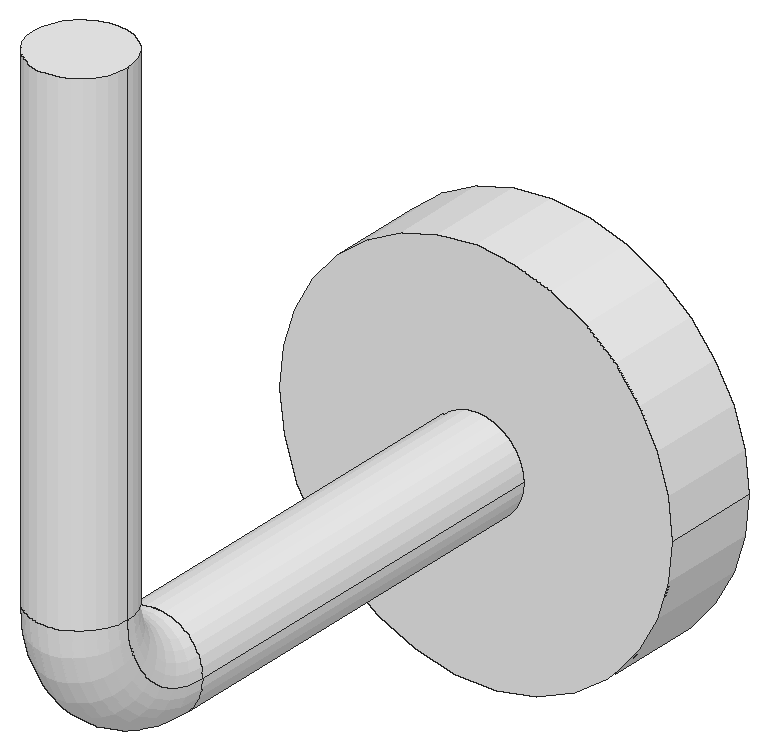
Revit family "M_Support - Metal - Circular", category Supports, Revit 2018
Family settings
  Work Plane-Based = No
  Always vertical = Yes
  Cut with Voids When Loaded = No
  Shared = No
Parameters
  T1 = 12 mm
  Support Material = Aluminum
  Radius 2 = 6 mm
  Radius 1 = 25 mm
  built-in parameter 1152166 = 75 mm
  Height [instance] = 75 mm
  Bend Radius = 2 * Radius 2  # 12 mm
Reference planes
  plane 1 "Center (Front/Back)": y = 0
  plane 2: z = 0
  plane 3 "Center (Left/Right)": x = 0
  plane 4 "Height": z = -75
  plane 5 "Hand Clearance": y = 75
  plane 6: y = 63
  plane 7: z = -63
  plane 8: y = 12
  plane 9: x = -25
  plane 10: x = 25
  plane 11: x = -6
  plane 12: x = 6
Forms (mm)
  Extrusion 1, solid, material "Aluminum" <- "Support Material"
    sketch origin (0, 0, 0) x (1, 0, 0) y (0, 0, 1)
      loop
        circle (0, -75) r 25
    from -75 to -63
  Sweep 2, solid, material "Aluminum" <- "Support Material"
    path origin (0, 0, 0) x (0, 1, 0) y (0, 0, 1)
      loop
        line (0, 0) -> (0, -63)
        arc (0, -63) -> (3.515, -71.485) -> (12, -75) r 12
        line (12, -75) -> (63, -75)
    profile origin (0, 0, -31.5) x (1, 0, 0) y (0, 1, 0)
      loop
        circle (0, 0) r 6
Lines and regions (mm)
  Masking region 1, detail levels fine
    outline origin (0, 0, 0) x (1, 0, 0) y (0, 1, 0)
      loop
        line (-25, 75) -> (-25, 63) -> (-6, 63) -> (-6, 0)
        arc (-6, 0) -> (0, -6) -> (6, 0) r 6
        line (6, 0) -> (6, 63) -> (25, 63) -> (25, 75) -> (-25, 75)
  symbolic lines, detail levels fine
    curve 1: line (-25, 75, 0) -> (25, 75, 0)
    curve 2: line (-25, 63, 0) -> (-25, 75, 0)
    curve 3: line (25, 63, 0) -> (-25, 63, 0)
    curve 4: line (25, 75, 0) -> (25, 63, 0)
    curve 5: line (-6, 63, 0) -> (-6, 0, 0)
    curve 6: line (6, 63, 0) -> (6, 0, 0)
    curve 7: arc (-6, 0, 0) -> (0, -6, 0) -> (6, 0, 0) r 6
Dimensions and locks
  "built-in parameter 1152166": plane 2 to plane 4 "Height"
  "Height": plane 5 "Hand Clearance" to plane 1 "Center (Front/Back)"
  "T1": plane 5 "Hand Clearance" to plane 6
  "Bend Radius": plane 7 to plane 4 "Height"
  "Bend Radius": plane 8 to plane 1 "Center (Front/Back)"
  equal spacing: plane 9, plane 3 "Center (Left/Right)", plane 10
  "Radius 1": plane 9 to plane 3 "Center (Left/Right)"
  equal spacing: plane 11, plane 3 "Center (Left/Right)", plane 12
  "Radius 2": plane 11 to plane 3 "Center (Left/Right)"
  "Radius 1": radius of Extrusion 1 sketch curve
  "Bend Radius": radius of Sweep 2 sketch curve
  "Radius 2": radius of Sweep 2 sketch curve
  "Radius 2": radius of curve 7
  "Radius 2": radius of Masking region 1 sketch curve
  aligned and locked: level to plane 2
  aligned and locked: plane 3 "Center (Left/Right)" to Extrusion 1 sketch curve
  aligned and locked: plane 4 "Height" to Extrusion 1 sketch curve
  aligned and locked: Extrusion 1 to plane 5 "Hand Clearance"
  aligned and locked: plane 6 to Extrusion 1
  aligned and locked: plane 6 to Sweep 2 sketch curve
  aligned and locked: plane 8 to Sweep 2 sketch curve  (x2)
  aligned and locked: Sweep 2 sketch curve to plane 4 "Height"
  aligned and locked: plane 2 to Sweep 2 sketch curve
  aligned and locked: Sweep 2 sketch curve to plane 1 "Center (Front/Back)"
  aligned and locked: plane 7 to Sweep 2 sketch curve  (x2)
  aligned and locked: plane 3 "Center (Left/Right)" to Sweep 2 sketch curve
  aligned and locked: plane 1 "Center (Front/Back)" to Sweep 2 sketch curve
  aligned and locked: plane 9 to curve 2
  aligned and locked: curve 4 to plane 10
  aligned and locked: plane 5 "Hand Clearance" to curve 1
  aligned and locked: plane 11 to curve 5
  aligned and locked: curve 6 to plane 12
  aligned and locked: plane 1 "Center (Front/Back)" to curve 6
  aligned and locked: plane 1 "Center (Front/Back)" to curve 5
  aligned and locked: plane 6 to curve 6
  aligned and locked: plane 6 to curve 5
  aligned and locked: plane 3 "Center (Left/Right)" to curve 7
  aligned and locked: plane 1 "Center (Front/Back)" to curve 7
  aligned and locked: Masking region 1 sketch curve to plane 6  (x2)
  aligned and locked: plane 9 to Masking region 1 sketch curve
  aligned and locked: Masking region 1 sketch curve to plane 10
  aligned and locked: plane 5 "Hand Clearance" to Masking region 1 sketch curve
  aligned and locked: Masking region 1 sketch curve to plane 12
  aligned and locked: plane 3 "Center (Left/Right)" to Masking region 1 sketch curve
  aligned and locked: plane 1 "Center (Front/Back)" to Masking region 1 sketch curve
